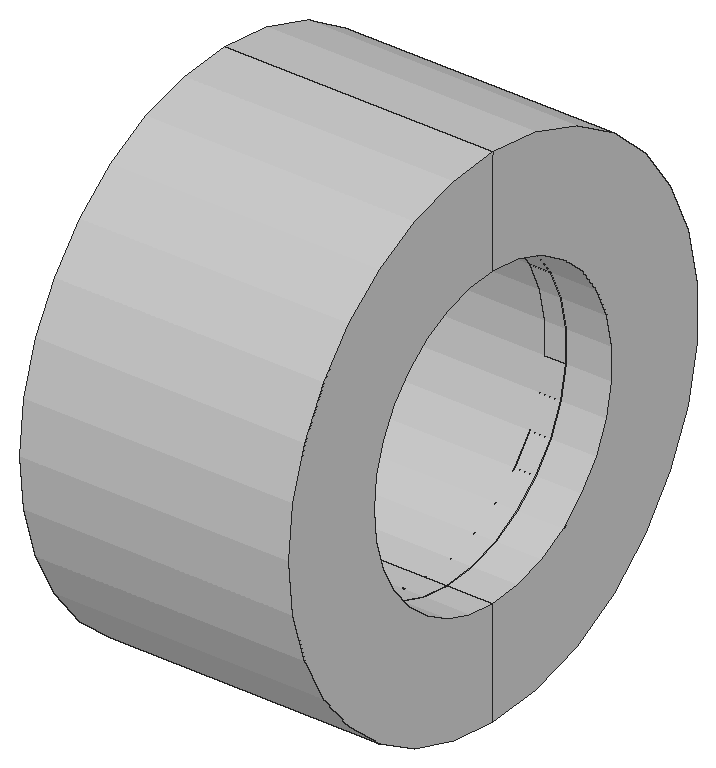
Revit family "6273_Klemmset G1 (metallisch dichtend)", category Rohrformteile, Revit 2021
Family settings
  Bemaßung runder Anschluss = Durchmesser verwenden
  Teiletyp = Verbindung
  OmniClass-Nummer = 23.65.55.14
  OmniClass-Titel = Valves for Liquid Services
  Arbeitsebenenbasiert = Nein
  Immer vertikal = Ja
  Beim Laden mit Abzugskörper schneiden = Nein
  Gemeinsam genutzt = Nein
Parameters (values of type "G1 x 22mm")
  W02 = 45.00°  # constant formula
  W01 = 30.00°  # constant formula
  Vorgabe-Ansicht = 0.00 mm
  URL = "www.herz-armaturen.at"
  SCRNSEQ = "AWI;AWI_TYP=\"1001\";2"
  SCRNCODE = "07;01;02"  # constant formula
  S02 = 5.00 mm  # constant formula
  S01 = 5.00 mm  # constant formula
  Nennweite_Stahl = 25.00 mm  # constant formula
  Nennweite_Kupfer = 22.00 mm  # constant formula
  Mutter = "CW602N, G1 ISO 228-1"  # constant formula
  Medium = "Heizungswasser nach ÖNORM H5195 oder VDI- Richtlinie 2035.\r\nDie Verwendung von Ethylen- oder Propyleneglykol in einem Mischungsverhältnis 25- 50% ist zulässig."
  Max. Betriebstemperatur = 110 °C  # constant formula
  Max. Betriebsdruck = "gemäß EN 1254-2: 1988, Tabelle 5"  # constant formula
  ML01 = 15.00 mm  # constant formula
  ML00 = 20.00 mm  # constant formula
  MD04 = 9.53 mm  # constant formula
  MD03 = 11.10 mm  # constant formula
  MD02 = 15.00 mm  # constant formula
  MD01 = 19.00 mm  # constant formula
  Klemmring = "CW602N"  # constant formula
  KL04 = 14.70 mm  # constant formula
  KL03 = 12.90 mm  # constant formula
  KL02 = 6.60 mm  # constant formula
  KL01 = 5.00 mm  # constant formula
  KL00 = 18.10 mm  # constant formula
  KH01 = 0.90 mm  # constant formula
  KH00 = 1.00 mm  # constant formula
  Hersteller = "HERZ Armaturen Ges.m.b.H."  # constant formula
  Bestellnummer [instance] = 1627301  # constant formula
  Ausführung = "6273 G1 - 22mm:\r\nKlemmring mit aufgezogenem O- Ring, metallisch dichtend zum Rohr, Klemmringmutter G1 vernickelt, inkl. Stützhülse;\r\nEinsetzbar für Weichtstahl- und Kupferrohre.\r\nNicht geeignet für verchromte Metallrohre oder Edelstahlrohre\r."
  Anwendungsgebiet = "Der Klemmring stellt eine absolut sichere Verbindung zwischen dem Ventilgehäuse und dem Rohr dar.\r\nDiese Verbindung eignet sich besonders für Kupferrohre und dünnwandige Stahlrohre und kann bei Bedarf jederzeit gelöst werden.\r\nEine einwandfreie Dichtheit auf Dauer ist dann gegeben, wenn die Montage gemäß der Verarbeitungsanleitung durchgeführt wurde.\r\r\n\r\nNach Anzug der Klemmschraube verkeilt sich der Klemmring zwischen Rohrwand und Innenkonus von Gehäuse und Klemmschraube.\r\nDabei wird das Rohr in seiner Lage durch Kraftschluss fixiert und gegen Axialverschiebung gesichert.\r\nDie dabei entstehende Pressung sorgt für sichere Dichtheit.\r\nDie innen im Klemmring befindlichen Rillen stellen eine Labyrinthdichtung dar und helfen Unebenheiten des Rohres zu überbrücken.\r\n\r\nDie Klemmverschraubung kann mehrmals gelöst werden und stellt eine einfache und sichere Verbindung dar.\r\nFür die Güte der Verbindung ist es wichtig, dass das Rohr gegen den Anschlag im Innenkonus stößt, also ausreichend tief eingeschoben ist.\r\n\r\nDie asymetrischen Klemmringe (6274, 6284, 6294) mit integrierten Reduzierhüllen ermöglichen den Rohranschluss von Rohren mit Durchmesser 8 - 16mm an einen Ventilkörper.\r\nDiese Ausführung stellt ein Optimum an Kombinationsmöglichkeiten sicher."
Reference planes
  plane 1 "Mitte (Vorne/hinten)": y = 0
  plane 2: z = 0
  plane 3 "Mitte (Links/rechts)": x = 0
Forms (mm)
  Revolve 1, solid, material "Messing, vernickelt", detail levels fine
    sketch origin (0, 0, 0) x (1, 0, 0) y (0, 0, 1)
      loop
        line (0, 15) -> (15, 15) -> (15, 11.1) -> (20, 11.1) -> (20, 19) -> (0, 19) -> (0, 15)
      axis (0, 0) -> (20, 0)
    angle from 0 to 360
  Revolve 2, solid, material "Messing, vernickelt", detail levels fine
    sketch origin (-80.537, 0, 0) x (1, 0, 0) y (0, 0, 1)
      loop
        line (85.6, 11.1) -> (97.1, 11.1) -> (97.1, 12.1) -> (93.7, 12.35) -> (91.9, 14.15) -> (87.724, 14.15) -> (84, 12) -> (79, 12) -> (79, 9.53) -> (85.6, 9.53) -> (85.6, 11.1)
      axis (79, 0) -> (97.1, 0)
    angle from 0 to 360
Lines and regions (mm)
  model lines, detail levels coarse+medium
    curve 1: line (0, 0, 0) -> (20, 0, 0)
    curve 2: line (5, 0, 19) -> (5, 0, -19)
    curve 3: line (5, 0, -19) -> (10, 0, -19)
    curve 4: line (10, 0, -19) -> (5, 0, 0)
    curve 5: line (5, 0, 19) -> (10, 0, 19)
    curve 6: line (10, 0, 19) -> (5, 0, 0)
    curve 7: line (5, -19, 0) -> (5, 19, 0)
    curve 8: line (5, 19, 0) -> (10, 19, 0)
    curve 9: line (10, 19, 0) -> (5, 0, 0)
    curve 10: line (5, -19, 0) -> (10, -19, 0)
    curve 11: line (10, -19, 0) -> (5, 0, 0)
Dimensions and locks
  "MD02": Revolve 1 sketch curve to plane 2
  "MD01": Revolve 1 sketch curve to plane 2
  "ML00": Revolve 1 sketch curve to plane 3 "Mitte (Links/rechts)"
  "KL00": Revolve 2 sketch curve to Revolve 2 sketch curve
  "MD03": Revolve 2 sketch curve to plane 2
  "MD03": Revolve 1 sketch curve to plane 2
  "ML01": Revolve 1 sketch curve to Revolve 1 sketch curve
  "KH00": Revolve 2 sketch curve to Revolve 2 sketch curve
  "KH01": Revolve 2 sketch curve to Revolve 2 sketch curve
  "MD04": Revolve 2 sketch curve to plane 2
  "KL01": Revolve 2 sketch curve to Revolve 2 sketch curve
  "KL02": Revolve 2 sketch curve to Revolve 2 sketch curve
  "KL03": Revolve 2 sketch curve to Revolve 2 sketch curve
  "KL04": Revolve 2 sketch curve to Revolve 2 sketch curve
  "ML00": curve 1 to curve 1
  "S01": curve 2 to plane 3 "Mitte (Links/rechts)"
  "S02": curve 2 to curve 4
  "MD01": curve 5 to plane 2 to curve 3
  "MD01": curve 10 to plane 1 "Mitte (Vorne/hinten)" to curve 8
  "S01": plane 3 "Mitte (Links/rechts)" to curve 7
  "S02": curve 7 to curve 9
  "W01": angle Revolve 2 sketch curve to Revolve 2 sketch curve
  "W02": angle Revolve 2 sketch curve to Revolve 2 sketch curve
  aligned and locked: level to plane 2
Automatic sketch dimensions
  curve 1 to level = 0.00 mm
  curve 1 to plane 3 "Mitte (Links/rechts)" = 0.00 mm
  curve 4 to level = 0.00 mm
  curve 2 to curve 5 = 5.00 mm
  curve 6 to curve 4 = 0.00 mm
  plane 1 "Mitte (Vorne/hinten)" to curve 9 = 0.00 mm
  plane 1 "Mitte (Vorne/hinten)" to curve 11 = 0.00 mm
  curve 7 to curve 10 = 5.00 mm
  Revolve 1 sketch curve to level = 0.00 mm
  Revolve 1 sketch curve to plane 3 "Mitte (Links/rechts)" = 0.00 mm
  Revolve 1 sketch curve to plane 3 "Mitte (Links/rechts)" = 1506.53 mm
  Revolve 1 sketch curve to Revolve 1 sketch curve = 1818.648 mm
  Revolve 2 sketch curve to level = 0.00 mm
  Revolve 2 sketch curve to plane 3 "Mitte (Links/rechts)" = 1.537 mm
  Revolve 2 sketch curve to Revolve 2 sketch curve = 2.124 mm
  Revolve 2 sketch curve to Revolve 2 sketch curve = 1585.53 mm
  Revolve 2 sketch curve to Revolve 2 sketch curve = 1756.155 mm
Connectors
  piping at (15, 0, 0), diameter 25, driven by "Nennweite_Stahl"
    settings: on Revolve 1, index 1, connector inside diameter 609.6 mm, connector length 0.00 mm, flow factor 0, pipe flow 0.0 L/s, pressure drop 0.0 Pa, fitting loss kfactor 0, connector angle 0.00°, fixture units 0, engagement length 0.00 mm, angle of deflection 0.00°, flow configuration 0, flow direction 0, fitting loss method 0, system type 29, joint type 0, gender type 0, connector reference index -1, connector utility 0, adjustable connector no, is connector primary yes, connector description ""
  piping at (5.063, 0, 0), diameter 22, driven by "Nennweite_Kupfer"
    settings: on Revolve 2, index 3, connector inside diameter 609.6 mm, connector length 0.00 mm, flow factor 0, pipe flow 0.0 L/s, pressure drop 0.0 Pa, fitting loss kfactor 0, connector angle 0.00°, fixture units 0, engagement length 0.00 mm, angle of deflection 0.00°, flow configuration 0, flow direction 0, fitting loss method 0, system type 29, joint type 0, gender type 0, connector reference index -1, connector utility 0, adjustable connector no, is connector primary no, connector description ""
